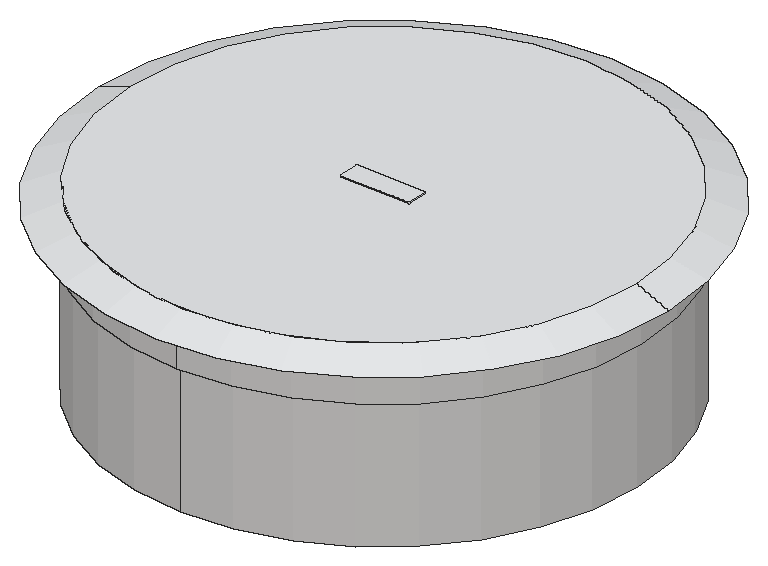
Revit family "AD-CI52ST", category Communication Devices, host Face, Revit 2012
Parameters (values of type "AD-CI52ST")
  Width = Grille Radius Base * 2  # 12.63"
  Weight Product (lb) = 8
  Weight Product (kg) = 3.6
  Weight Dimensional (lb) = 27
  Weight Dimensional (kg) = 12.2
  URL = "http://www.qscaudio.com/products/speakers/acoustic_design/c_series/c_series.htm"
  Sensitivity = 87.5
  SPL Max = 103
  Regulatory Compliance = "RoHS"
  Product Page URL = "http://www.qscaudio.com/products/speakers/acoustic_design/c_series/c_series.htm"
  Product Documentation Link = "http://media.qscaudio.com/pdfs/Specifications/AD_C152ST_spec.pdf"
  Power Handling = 40
  Model = "AD-CI52ST"
  Middle Radius = 5.725"
  Middle Depth = 0.865"
  Manufacturer URL = "www.qscaudio.com"
  Manufacturer = "QSC Audio Products, LLC"
  Logo Material [instance] = White Powder Coated Finish
  Impedance = 8
  Grille Radius Extent = 5.596"
  Grille Radius Base = 6.315"
  Grille Material [instance] = White Powder Coated Mesh
  Grille Depth = 0.28"
  Enclosure Radius = 5.629"
  Enclosure Depth = 2.885"
  Description = "5.25\" Weather Resistant Shallow Loudspeaker element"
  Depth = Grille Depth + Middle Depth + Enclosure Depth  # 4.03"
  Default Elevation = 48"
  Coverage Vertical = 100.00°
  Coverage Horizontal = 100.00°
  70V Taps = "30, 15, 7.5, 3.8"
  100V Taps = "30, 15, 7.5, 3.8"
Reference planes (in)
  plane 1 "Center (Front/Back)": y = 0
  plane 2: z = 0
  plane 3 "Center (Left/Right)": x = 0
  plane 4 "Grill Extent": z = 0.28
  plane 5 "Enclosure Extent": z = -3.75
  plane 6 "Middle Extent": z = -0.865
Forms (in)
  Extrusion 1, solid, material "Steel"
    sketch origin (0, 0, -0.865) x (0, 1, 0) y (-1, 0, 0)
      loop
        circle (0, 0) r 5.725
    from 0 to 0.865 <- "Middle Depth"
  Extrusion 2, solid, material "Steel"
    sketch origin (0, 0, -3.75) x (0, 1, 0) y (-1, 0, 0)
      loop
        circle (0, 0) r 5.629
    from 0 to 2.885 <- "Enclosure Depth"
  Blend 3, solid, material "White Powder Coated Mesh" <- "Grille Material"
    base sketch origin (0, 0, 0) x (1, 0, 0) y (0, 1, 0)
      loop
        circle (0, 0) r 6.315
    top sketch origin (0, 0, 0) x (1, 0, 0) y (0, 1, 0)
      loop
        circle (0, 0) r 5.596
    from 0 to 0.28 <- "Grille Depth"
  Extrusion 4, solid, material "White Powder Coated Finish" <- "Logo Material", detail levels fine
    sketch origin (-10.69835, -2.26543, 0.28) x (0, 1, 0) y (-1, 0, 0)
      loop
        arc (2.47112, -9.95195) -> (2.46481, -9.93673) -> (2.44959, -9.93043) r 0.02152
        line (2.44959, -9.93043) -> (2.03933, -9.93043)
        arc (2.03933, -9.93043) -> (2.02276, -9.93729) -> (2.01589, -9.95386) r 0.02344
        line (2.01589, -9.95386) -> (2.01589, -11.43868)
        arc (2.01589, -11.43868) -> (2.02276, -11.45525) -> (2.03933, -11.46211) r 0.02344
        line (2.03933, -11.46211) -> (2.44768, -11.46211)
        arc (2.44768, -11.46211) -> (2.46425, -11.45525) -> (2.47112, -11.43868) r 0.02344
        line (2.47112, -11.43868) -> (2.47112, -9.95195)
    from 0 to 0.03125
Lines and regions (in)
  model lines, detail levels fine
    curve 1: line (0.11043, -0.08284, 0.31125) -> (-0.00609, 0.07069, 0.31125)
    curve 2: line (-0.00609, 0.07069, 0.31125) -> (0.11043, -0.08284, 0.31125)
    curve 3: line (-0.42857, -0.06367, 0.31125) -> (-0.38455, 0.0947, 0.31125)
    curve 4: line (-0.38455, 0.0947, 0.31125) -> (-0.42857, -0.06367, 0.31125)
    curve 5: line (-0.35504, -0.16853, 0.31125) -> (-0.3879, 0.12455, 0.31125)
    curve 6: line (-0.3879, 0.12455, 0.31125) -> (-0.35504, -0.16853, 0.31125)
    curve 7: line (0.26647, 0.03652, 0.31125) -> (0.37038, -0.03982, 0.31125)
    curve 8: line (0.37038, -0.03982, 0.31125) -> (0.26647, 0.03652, 0.31125)
Dimensions and locks (in)
  "Grille Depth": plane 4 "Grill Extent" to plane 2
  "Middle Depth": plane 6 "Middle Extent" to plane 2
  "Enclosure Depth": plane 5 "Enclosure Extent" to plane 6 "Middle Extent"
  "Middle Radius": radius of Extrusion 1 sketch curve
  "Enclosure Radius": radius of Extrusion 2 sketch curve
  "Grille Radius Base": radius of Blend 3 sketch curve
  "Grille Radius Extent": radius of Blend 3 sketch curve
  aligned and locked: plane 2 to host face
  aligned and locked: level to host face
Automatic sketch dimensions
  host sketch curve to host sketch curve = 14.87127"
  host sketch curve to host sketch curve = 13.80736"
  plane 1 "Center (Front/Back)" to Extrusion 1 sketch curve = 0"
  Extrusion 1 sketch curve to plane 3 "Center (Left/Right)" = 0"
  plane 1 "Center (Front/Back)" to Extrusion 2 sketch curve = 0"
  Extrusion 2 sketch curve to plane 3 "Center (Left/Right)" = 0"
  plane 1 "Center (Front/Back)" to Blend 3 sketch curve = 0"  (x2)
  Blend 3 sketch curve to plane 3 "Center (Left/Right)" = 0"  (x2)
  plane 1 "Center (Front/Back)" to Extrusion 4 sketch curve = 0.24954"
  Extrusion 4 sketch curve to Extrusion 4 sketch curve = 0.02344"  (x3)
  Extrusion 4 sketch curve to Extrusion 4 sketch curve = 0.40835"
  Extrusion 4 sketch curve to Extrusion 4 sketch curve = 0.41026"
  plane 3 "Center (Left/Right)" to Extrusion 4 sketch curve = 0.76377"
  Extrusion 4 sketch curve to Extrusion 4 sketch curve = 1.48481"
  curve 6 to Extrusion 4 = 0.08101"
  curve 5 to curve 6 = 0"  (x3)
  curve 1 to Extrusion 4 = 0.1667"
  curve 2 to curve 1 = 0"  (x3)
  curve 5 to curve 4 = 0.10486"
  curve 3 to curve 4 = 0"  (x3)
  curve 7 to Extrusion 4 = 0.20972"
  curve 8 to curve 7 = 0"  (x3)
  curve 7 to curve 7 = 0.07634"
  curve 1 to Extrusion 4 = 0.135"
  curve 4 to Extrusion 4 = 0.11098"
  curve 3 to curve 6 = 0.02985"
  curve 8 to Extrusion 4 = 0.39339"
  curve 7 to curve 8 = 0"
  curve 7 to curve 7 = 0.10391"
  curve 7 to curve 2 = 0.15603"
  curve 1 to curve 2 = 0"
  curve 1 to curve 1 = 0.11653"
  curve 6 to Extrusion 4 = 0.41288"
  curve 5 to curve 4 = 0.02951"
  curve 6 to curve 5 = 0"
  curve 5 to curve 4 = 0.07354"
Connectors (in)
  electrical at (0, 0, -3.75)
    settings: on Extrusion 2, index 1, voltage 0 V, apparent load 0 VA, apparent load phase1 0 VA, apparent load phase2 0 VA, apparent load phase3 0 VA, power factor 1, load classification "Other", number of poles 1, system type 14, power factor state 1, is connector primary yes, connector utility no, sub classification motor no, connector description "Speaker"
